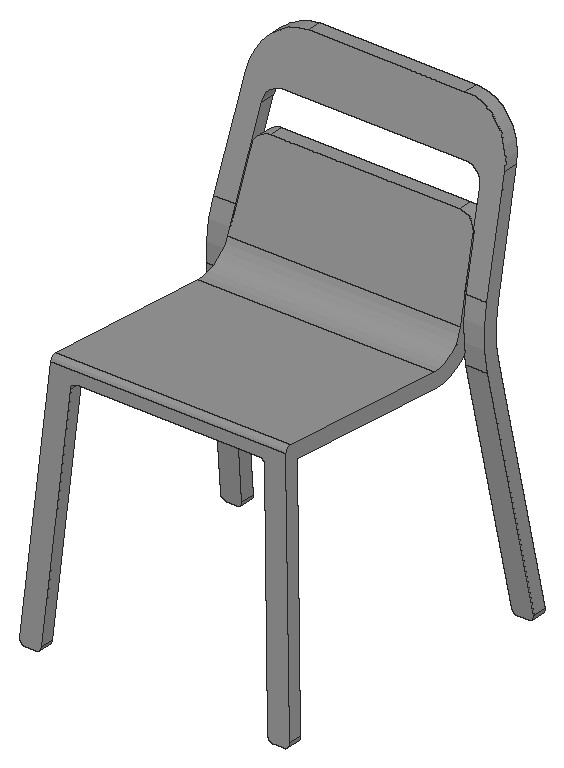
Revit family "Chair_Hollywood_Gohome_R18", category Furniture, Revit 2018
Family settings
  OmniClass Number = 23.40.20.00
  OmniClass Title = General Furniture and Specialties
  Work Plane-Based = No
  Always vertical = Yes
  Cut with Voids When Loaded = No
  Shared = No
  Room Calculation Point = No
Parameters (values of type "Natural Oak")
  Website = "www.gohome.com.au"
  Type Image = <None>
  Supplier = "Gohome"
  Model By = "Chris:p Soul"
  Design By = "Ben McCarthy"
  Description = "Hollywood Chair"
  Contact = "+61 2 9565 5510"
  Chair Finish = Hollywood Chair_Natural Oak
Types (5, lengths in mm): name | Chair Finish
  (no name) | Hollywood Chair_Natural Oak
  Natural Oak | Hollywood Chair_Natural Oak
  White Stained Oak | Hollywood Chair_White Stained Oak
  Black Stained Oak | Hollywood Chair_Black Stained Oak
  Red Stained Oak | Hollywood Chair_Red Stained Oak
Reference planes
  plane 1 "Center (Front/Back)": y = 0
  plane 2: z = 0
  plane 3 "Center (Left/Right)": x = 0
  plane 4: through (0, 133.747, 515.692) normal (0, 0.9563, -0.2924)
  plane 5 "N": y = 268.494
  plane 6 "S": y = -296.621
  plane 7 "W": x = -274.397
  plane 8 "E": x = 274.397
  plane 9: z = 450.304
  plane 10: z = 779
Forms (mm)
  Sweep 1, solid, material "Hollywood Chair_Natural Oak" <- "Chair Finish"
    path origin (-820.668, 0, 203.554) x (1, 0, 0) y (0, 0, 1)
      loop
        line (570.733, 528.012) -> (1070.733, 528.012)
    profile origin (0.064, 0, 731.566) x (0, 0, 1) y (0, -1, 0)
      loop
        line (-108.623, -166.536) -> (-260.858, -119.994)
        arc (-260.858, -119.994) -> (-292.764, -96.598) -> (-303.169, -58.426) r 60
        line (-303.169, -58.426) -> (-281.263, 254.522)
        spline (-281.263, 254.522) -> (-281.257, 255.829) -> (-281.423, 257.125) -> (-281.756, 258.388) -> (-282.251, 259.598) -> (-282.9, 260.732) -> (-283.692, 261.772) -> (-284.613, 262.7) -> (-285.647, 263.5) -> (-286.777, 264.159) -> (-287.983, 264.664) -> (-289.245, 265.008) -> (-290.541, 265.184)
        line (-290.541, 265.184) -> (-291.834, 265.274) -> (-734.459, 296.194) -> (-734.459, 273.901) -> (-307.017, 244.042) -> (-328.425, -61.794)
        spline (-328.425, -61.794) -> (-328.303, -70.544) -> (-327.224, -79.228) -> (-325.201, -87.742) -> (-322.259, -95.984) -> (-318.432, -103.855) -> (-313.766, -111.261) -> (-308.318, -118.113) -> (-302.152, -124.329) -> (-295.344, -129.834) -> (-287.973, -134.563) -> (-280.129, -138.458) -> (-271.906, -141.473)
        line (-271.906, -141.473) -> (-110.496, -190.84)
        arc (-110.496, -190.84) -> (-107.722, -190.42) -> (-106.509, -187.89) r 3
        line (-106.509, -187.89) -> (-106.509, -169.182)
        spline (-106.509, -169.182) -> (-106.546, -168.884) -> (-106.612, -168.592) -> (-106.708, -168.308) -> (-106.831, -168.035) -> (-106.981, -167.776) -> (-107.156, -167.532) -> (-107.355, -167.308) -> (-107.575, -167.104) -> (-107.814, -166.924) -> (-108.07, -166.768) -> (-108.341, -166.638) -> (-108.623, -166.536)
  Extrusion 2, void
    sketch origin (0, 0, 0) x (1, 0, 0) y (0, 0, 1)
      loop
        line (-241.599, -65) -> (-195.458, 594.851)
        arc (-195.458, 594.851) -> (-185.991, 614.699) -> (-165.531, 622.758) r 30
        line (-165.531, 622.758) -> (165.862, 622.758)
        arc (165.862, 622.758) -> (186.322, 614.699) -> (195.789, 594.851) r 30
        line (195.789, 594.851) -> (241.93, -65) -> (367.21, -65) -> (367.21, 835.06) -> (13.239, 835.06) -> (-366.879, 835.06) -> (-366.879, -65) -> (-241.599, -65)
    from -326.217 to 362.964
  Sweep 3, solid, material "Hollywood Chair_Natural Oak" <- "Chair Finish"
    path origin (204.953, 265.712, 0) x (0, 1, 0) y (0, 0, 1)
      loop
        line (-34.577, 782.317) -> (-117.45, 511.254)
        arc (-117.45, 511.254) -> (-126.491, 462.205) -> (-124.17, 412.384) r 218.426
        line (-124.17, 412.384) -> (-57.209, 0)
    profile origin (204.953, 175.022, 206.192) x (0, 0.987072, 0.160277) y (1, 0, 0)
      loop
        line (-15.179, -204.922) -> (-15.179, -488.636) -> (8.611, -488.577) -> (8.611, -205.248) -> (8.611, 78.671) -> (-15.179, 78.729) -> (-15.179, -204.922)
  Extrusion 4, void
    sketch origin (0, 0, 0) x (1, 0, 0) y (0, 0, 1)
      loop
        arc (-274.397, 10.698) -> (-271.735, 3.18) -> (-264.422, 0) r 10
        line (-264.422, 0) -> (-246.379, 0)
        arc (-246.379, 0) -> (-239.565, 2.681) -> (-236.405, 9.288) r 10
        line (-236.405, 9.288) -> (-190.907, 659.94)
        arc (-190.907, 659.94) -> (-181.44, 679.788) -> (-160.98, 687.847) r 30
        line (-160.98, 687.847) -> (161.311, 687.847)
        arc (161.311, 687.847) -> (181.771, 679.788) -> (191.238, 659.94) r 30
        line (191.238, 659.94) -> (236.735, 9.297)
        arc (236.735, 9.297) -> (239.892, 2.685) -> (246.71, 0) r 10
        line (246.71, 0) -> (264.753, 0)
        arc (264.753, 0) -> (272.066, 3.18) -> (274.729, 10.698) r 10
        line (274.729, 10.698) -> (227.031, 692.802)
        arc (227.031, 692.802) -> (198.63, 752.346) -> (137.25, 776.524) r 90
        line (137.25, 776.524) -> (-136.919, 776.524)
        arc (-136.919, 776.524) -> (-198.299, 752.346) -> (-226.7, 692.802) r 90
        line (-226.7, 692.802) -> (-274.397, 10.698)
      loop
        line (13.239, 835.06) -> (-366.879, 835.06) -> (-366.879, -40) -> (-281.505, -40) -> (285.751, -40) -> (367.21, -40) -> (367.21, 835.06) -> (13.239, 835.06)
    from -424.588 to 138.074
  Extrusion 5, void
    sketch origin (0, -690, 0) x (1, 0, 0) y (0, 0, 1)
      loop
        arc (-198.311, 9.302) -> (-201.468, 2.686) -> (-208.288, 0) r 10
        line (-208.288, 0) -> (-226.33, 0)
        arc (-226.33, 0) -> (-233.644, 3.18) -> (-236.306, 10.698) r 10
        line (-236.306, 10.698) -> (-241.795, -67.79) -> (242.126, -67.79) -> (236.637, 10.698)
        arc (236.637, 10.698) -> (233.975, 3.18) -> (226.662, 0) r 10
        line (226.662, 0) -> (208.619, 0)
        arc (208.619, 0) -> (201.799, 2.686) -> (198.642, 9.302) r 10
        line (198.642, 9.302) -> (170.465, 412.258)
        arc (170.465, 412.258) -> (167.309, 418.874) -> (160.489, 421.561) r 10
        line (160.489, 421.561) -> (-160.158, 421.561)
        arc (-160.158, 421.561) -> (-166.978, 418.874) -> (-170.133, 412.258) r 10
        line (-170.133, 412.258) -> (-198.311, 9.302)
    from -445.955 to -356.965
  Sweep 6, solid, material "Hollywood Chair_Natural Oak" <- "Chair Finish", not visible
    path origin (-820.668, 0, 203.554) x (1, 0, 0) y (0, 0, 1)
      loop
        line (570.733, 528.012) -> (1070.733, 528.012)
    profile origin (0.064, 0, 731.566) x (0, 0, 1) y (0, -1, 0)
      loop
        line (-108.623, -166.536) -> (-260.858, -119.994)
        arc (-260.858, -119.994) -> (-292.764, -96.598) -> (-303.169, -58.426) r 60
        line (-303.169, -58.426) -> (-281.263, 254.522)
        spline (-281.263, 254.522) -> (-281.257, 255.829) -> (-281.423, 257.125) -> (-281.756, 258.388) -> (-282.251, 259.598) -> (-282.9, 260.732) -> (-283.692, 261.772) -> (-284.613, 262.7) -> (-285.647, 263.5) -> (-286.777, 264.159) -> (-287.983, 264.664) -> (-289.245, 265.008) -> (-290.541, 265.184)
        line (-290.541, 265.184) -> (-291.834, 265.274) -> (-734.459, 296.194) -> (-734.459, 273.901) -> (-307.017, 244.042) -> (-328.425, -61.794)
        spline (-328.425, -61.794) -> (-328.303, -70.544) -> (-327.224, -79.228) -> (-325.201, -87.742) -> (-322.259, -95.984) -> (-318.432, -103.855) -> (-313.766, -111.261) -> (-308.318, -118.113) -> (-302.152, -124.329) -> (-295.344, -129.834) -> (-287.973, -134.563) -> (-280.129, -138.458) -> (-271.906, -141.473)
        line (-271.906, -141.473) -> (-110.496, -190.84)
        arc (-110.496, -190.84) -> (-107.722, -190.42) -> (-106.509, -187.89) r 3
        line (-106.509, -187.89) -> (-106.509, -169.182)
        spline (-106.509, -169.182) -> (-106.546, -168.884) -> (-106.612, -168.592) -> (-106.708, -168.308) -> (-106.831, -168.035) -> (-106.981, -167.776) -> (-107.156, -167.532) -> (-107.355, -167.308) -> (-107.575, -167.104) -> (-107.814, -166.924) -> (-108.07, -166.768) -> (-108.341, -166.638) -> (-108.623, -166.536)
  Extrusion 7, void, not visible
    sketch origin (0, 0, 0) x (1, 0, 0) y (0, 0, 1)
      loop
        line (-241.599, -65) -> (-195.458, 594.851)
        arc (-195.458, 594.851) -> (-185.991, 614.699) -> (-165.531, 622.758) r 30
        line (-165.531, 622.758) -> (165.862, 622.758)
        arc (165.862, 622.758) -> (186.322, 614.699) -> (195.789, 594.851) r 30
        line (195.789, 594.851) -> (241.93, -65) -> (367.21, -65) -> (367.21, 835.06) -> (13.239, 835.06) -> (-366.879, 835.06) -> (-366.879, -65) -> (-241.599, -65)
    from -326.217 to 362.964
  Sweep 8, solid, material "Hollywood Chair_Natural Oak" <- "Chair Finish", not visible
    path origin (204.953, 265.712, 0) x (0, 1, 0) y (0, 0, 1)
      loop
        line (-34.577, 782.317) -> (-117.45, 511.254)
        arc (-117.45, 511.254) -> (-126.491, 462.205) -> (-124.17, 412.384) r 218.426
        line (-124.17, 412.384) -> (-57.209, 0)
    profile origin (204.953, 175.022, 206.192) x (0, 0.987072, 0.160277) y (1, 0, 0)
      loop
        line (-15.179, -204.922) -> (-15.179, -488.636) -> (8.611, -488.577) -> (8.611, -205.248) -> (8.611, 78.671) -> (-15.179, 78.729) -> (-15.179, -204.922)
  Extrusion 9, void, not visible
    sketch origin (0, 0, 0) x (1, 0, 0) y (0, 0, 1)
      loop
        arc (-274.397, 10.698) -> (-271.735, 3.18) -> (-264.422, 0) r 10
        line (-264.422, 0) -> (-246.379, 0)
        arc (-246.379, 0) -> (-239.565, 2.681) -> (-236.405, 9.288) r 10
        line (-236.405, 9.288) -> (-190.907, 659.94)
        arc (-190.907, 659.94) -> (-181.44, 679.788) -> (-160.98, 687.847) r 30
        line (-160.98, 687.847) -> (161.311, 687.847)
        arc (161.311, 687.847) -> (181.771, 679.788) -> (191.238, 659.94) r 30
        line (191.238, 659.94) -> (236.735, 9.297)
        arc (236.735, 9.297) -> (239.892, 2.685) -> (246.71, 0) r 10
        line (246.71, 0) -> (264.753, 0)
        arc (264.753, 0) -> (272.066, 3.18) -> (274.729, 10.698) r 10
        line (274.729, 10.698) -> (227.031, 692.802)
        arc (227.031, 692.802) -> (198.63, 752.346) -> (137.25, 776.524) r 90
        line (137.25, 776.524) -> (-136.919, 776.524)
        arc (-136.919, 776.524) -> (-198.299, 752.346) -> (-226.7, 692.802) r 90
        line (-226.7, 692.802) -> (-274.397, 10.698)
      loop
        line (13.239, 835.06) -> (-366.879, 835.06) -> (-366.879, -40) -> (-281.505, -40) -> (285.751, -40) -> (367.21, -40) -> (367.21, 835.06) -> (13.239, 835.06)
    from -424.588 to 138.074
  Extrusion 10, void, not visible
    sketch origin (0, -690, 0) x (1, 0, 0) y (0, 0, 1)
      loop
        arc (-198.311, 9.302) -> (-201.468, 2.686) -> (-208.288, 0) r 10
        line (-208.288, 0) -> (-226.33, 0)
        arc (-226.33, 0) -> (-233.644, 3.18) -> (-236.306, 10.698) r 10
        line (-236.306, 10.698) -> (-241.795, -67.79) -> (242.126, -67.79) -> (236.637, 10.698)
        arc (236.637, 10.698) -> (233.975, 3.18) -> (226.662, 0) r 10
        line (226.662, 0) -> (208.619, 0)
        arc (208.619, 0) -> (201.799, 2.686) -> (198.642, 9.302) r 10
        line (198.642, 9.302) -> (170.465, 412.258)
        arc (170.465, 412.258) -> (167.309, 418.874) -> (160.489, 421.561) r 10
        line (160.489, 421.561) -> (-160.158, 421.561)
        arc (-160.158, 421.561) -> (-166.978, 418.874) -> (-170.133, 412.258) r 10
        line (-170.133, 412.258) -> (-198.311, 9.302)
    from -445.955 to -356.965
Cuts and joins
  Extrusion 2, Extrusion 5 cuts Sweep 1
  Extrusion 4, Extrusion 5 cuts Sweep 3
Dimensions and locks
  Sweep 3 sketch curve to Sweep 3 sketch curve = 23.482 mm
  Sweep 8 sketch curve to Sweep 8 sketch curve = 23.482 mm
  plane 5 "N" to plane 6 "S" = 565.115 mm
  plane 7 "W" to plane 8 "E" = 548.795 mm
  plane 10 to level = 779 mm
  plane 9 to level = 450.304 mm
  aligned and locked: level to plane 2
